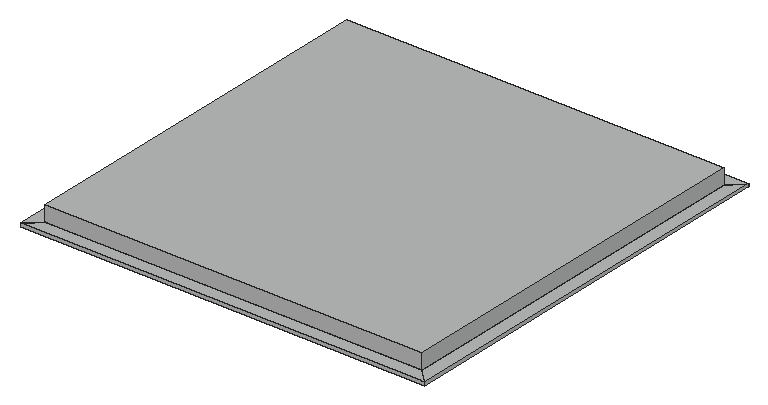
Revit family "AVRORA", category Осветительные приборы, Revit 2019 (continued)
Types (10, lengths in mm): name | built-in parameter 1150134 | Файл фотометрической сетки | built-in parameter 1150142 | built-in parameter 1150107 | Emit from Rectangle Width | Emit from Rectangle Length | Длина | Ширина | ADSK_Обозначение | ADSK_Наименование | ADSK_Код изделия
  AVRORA-32/prisma 595x595х25 (IP20, 4000К) с БАП на 3 часа | 12 | "Светильник AVRORA-32 PRISMA-(595x595).ies" | "IESNA:LM-63-95\r\n[TEST] Протокол № 50-12 \r\n[DATA] 20.06.2016\r\n[MORE] \r\n[MANUFAC] ЗАО \"Центрстройсвет\"\r\n[LUMCAT]  Светильник ALUMOGIPS-38/OPAL-SAND-(610x610)\r\n[LUMINAIRE]\r\n[LAMPCAT] Светодиоды\r\n[LAMP] Поток источника света (светодиодов) не известен\r\n[MORE] КСС приведена в абсолютных величинах кд\r\n[MORE] Вместо потока лампы, указан поток светильника.\r\nTILT=NONE\r\n1    3750 1.0 37 73 1 2 0.61 0.61 0.04\r\n1.0 1.0 38.7\r\n0.0 5.0 10.0 15.0 20.0 25.0 30.0 35.0 40.0 45.0 50.0 55.0 60.0 65.0 70.0 75.0 80.0 85.0 90.0 95.0 100.0 105.0 110.0 115.0 120.0 125.0 130.0 135.0 140.0 145.0 150.0 155.0 160.0 165.0 170.0 175.0 180.0\r\n0.0 5.0 10.0 15.0 20.0 25.0 30.0 35.0 40.0 45.0 50.0 55.0 60.0 65.0 70.0 75.0 80.0 85.0 90.0 95.0 100.0 105.0 110.0 115.0 120.0 125.0 130.0 135.0 140.0 145.0 150.0 155.0 160.0 165.0 170.0 175.0 180.0 185.0 190.0 195.0 200.0 205.0 210.0 215.0 220.0 225.0 230.0 235.0 240.0 245.0 250.0 255.0 260.0 265.0 270.0 275.0 280.0 285.0 290.0 295.0 300.0 305.0 310.0 315.0 320.0 325.0 330.0 335.0 340.0 345.0 350.0 355.0 360.0\r\n1391.4 1390.6 1365.7 1330.6 1277.5 1214.9 1147.5 1059.6 967.6 873.2 772.4 664.9 556.3 449.1 342.7 240.6 147.1 64.2 4.7 0.0 0.0 0.0 0.0 0.0 0.0 0.0 0.0 0.0 0.0 0.0 0.0 0.0 0.0 0.0 0.0 0.0 0.0\r\n1391.4 1390.5 1367.8 1332.7 1284.3 1221.3 1147.0 1062.1 969.2 872.4 773.2 666.3 557.1 450.1 343.8 241.9 146.9 64.7 5.2 0.0 0.0 0.0 0.0 0.0 0.0 0.0 0.0 0.0 0.0 0.0 0.0 0.0 0.0 0.0 0.0 0.0 0.0\r\n1391.4 1390.2 1372.0 1333.3 1277.3 1216.8 1144.5 1057.4 969.6 875.1 773.8 669.5 560.0 454.6 345.8 242.4 148.5 65.8 5.4 0.0 0.0 0.0 0.0 0.0 0.0 0.0 0.0 0.0 0.0 0.0 0.0 0.0 0.0 0.0 0.0 0.0 0.0\r\n1391.4 1389.8 1371.2 1330.7 1279.5 1220.5 1148.3 1059.9 967.7 873.2 767.5 666.8 561.4 453.0 347.1 243.7 149.9 65.6 5.8 0.0 0.0 0.0 0.0 0.0 0.0 0.0 0.0 0.0 0.0 0.0 0.0 0.0 0.0 0.0 0.0 0.0 0.0\r\n1391.4 1389.8 1368.3 1329.3 1285.0 1214.6 1141.1 1058.7 971.8 871.3 775.2 666.9 559.4 452.6 345.8 242.5 150.0 65.8 6.1 0.0 0.0 0.0 0.0 0.0 0.0 0.0 0.0 0.0 0.0 0.0 0.0 0.0 0.0 0.0 0.0 0.0 0.0\r\n1391.4 1390.5 1367.3 1332.3 1281.7 1219.0 1142.8 1064.6 970.5 874.4 772.1 667.5 560.2 453.0 346.2 241.8 149.4 65.7 5.6 0.0 0.0 0.0 0.0 0.0 0.0 0.0 0.0 0.0 0.0 0.0 0.0 0.0 0.0 0.0 0.0 0.0 0.0\r\n1391.4 1391.4 1368.1 1333.5 1277.3 1215.7 1139.0 1059.6 968.1 872.4 771.6 667.4 558.8 453.3 344.3 243.9 148.4 65.7 5.4 0.0 0.0 0.0 0.0 0.0 0.0 0.0 0.0 0.0 0.0 0.0 0.0 0.0 0.0 0.0 0.0 0.0 0.0\r\n1391.4 1391.7 1368.1 1330.4 1278.2 1213.9 1142.4 1061.6 967.4 875.1 772.0 669.3 561.1 452.5 345.2 242.1 148.3 65.4 5.5 0.0 0.0 0.0 0.0 0.0 0.0 0.0 0.0 0.0 0.0 0.0 0.0 0.0 0.0 0.0 0.0 0.0 0.0\r\n1391.4 1391.5 1371.0 1328.4 1278.5 1216.7 1142.1 1061.2 971.8 874.7 772.1 668.9 560.8 452.9 345.4 243.3 147.7 66.0 5.4 0.0 0.0 0.0 0.0 0.0 0.0 0.0 0.0 0.0 0.0 0.0 0.0 0.0 0.0 0.0 0.0 0.0 0.0\r\n1391.4 1391.5 1373.2 1330.5 1277.3 1215.5 1143.2 1063.6 967.0 872.7 772.2 669.4 558.9 453.2 346.6 241.9 148.1 65.2 5.5 0.0 0.0 0.0 0.0 0.0 0.0 0.0 0.0 0.0 0.0 0.0 0.0 0.0 0.0 0.0 0.0 0.0 0.0\r\n1391.4 1391.4 1369.7 1328.3 1281.3 1216.0 1139.8 1057.9 968.7 875.3 773.9 667.6 561.8 454.0 344.0 243.1 147.2 65.6 5.5 0.0 0.0 0.0 0.0 0.0 0.0 0.0 0.0 0.0 0.0 0.0 0.0 0.0 0.0 0.0 0.0 0.0 0.0\r\n1391.4 1390.5 1367.9 1330.1 1278.1 1218.1 1138.9 1061.0 970.0 871.8 770.4 669.3 560.2 453.4 346.9 242.1 148.3 65.2 5.2 0.0 0.0 0.0 0.0 0.0 0.0 0.0 0.0 0.0 0.0 0.0 0.0 0.0 0.0 0.0 0.0 0.0 0.0\r\n1391.4 1389.3 1368.2 1329.1 1280.8 1214.4 1142.5 1059.2 967.2 874.3 772.4 668.0 563.1 452.3 345.7 242.8 146.8 64.9 5.1 0.0 0.0 0.0 0.0 0.0 0.0 0.0 0.0 0.0 0.0 0.0 0.0 0.0 0.0 0.0 0.0 0.0 0.0\r\n1391.4 1388.6 1367.4 1327.8 1278.0 1215.7 1141.0 1061.0 971.5 877.3 771.2 667.3 561.5 453.0 346.4 242.4 146.3 64.8 5.2 0.0 0.0 0.0 0.0 0.0 0.0 0.0 0.0 0.0 0.0 0.0 0.0 0.0 0.0 0.0 0.0 0.0 0.0\r\n1391.4 1388.0 1367.6 1326.7 1278.3 1218.0 1140.9 1061.5 968.4 873.4 770.1 666.6 562.1 454.6 344.8 241.8 146.4 64.0 5.5 0.0 0.0 0.0 0.0 0.0 0.0 0.0 0.0 0.0 0.0 0.0 0.0 0.0 0.0 0.0 0.0 0.0 0.0\r\n1391.4 1387.2 1366.1 1331.0 1281.4 1216.3 1142.7 1059.1 969.4 871.5 772.2 667.3 560.5 453.0 344.4 242.2 146.4 63.8 5.6 0.0 0.0 0.0 0.0 0.0 0.0 0.0 0.0 0.0 0.0 0.0 0.0 0.0 0.0 0.0 0.0 0.0 0.0\r\n1391.4 1387.1 1366.3 1328.7 1276.9 1214.5 1141.2 1059.3 968.4 874.3 775.5 668.3 562.5 454.9 346.4 241.3 146.2 63.5 5.7 0.0 0.0 0.0 0.0 0.0 0.0 0.0 0.0 0.0 0.0 0.0 0.0 0.0 0.0 0.0 0.0 0.0 0.0\r\n1391.4 1388.4 1366.0 1329.7 1279.2 1217.9 1140.0 1060.5 969.0 873.9 772.0 671.3 560.4 453.2 343.7 241.7 145.8 63.7 5.4 0.0 0.0 0.0 0.0 0.0 0.0 0.0 0.0 0.0 0.0 0.0 0.0 0.0 0.0 0.0 0.0 0.0 0.0\r\n1391.4 1389.6 1367.7 1329.3 1277.2 1211.1 1140.1 1061.0 971.0 871.2 769.2 669.1 561.5 453.1 343.3 241.9 145.8 63.4 5.2 0.0 0.0 0.0 0.0 0.0 0.0 0.0 0.0 0.0 0.0 0.0 0.0 0.0 0.0 0.0 0.0 0.0 0.0\r\n1391.4 1388.8 1366.9 1327.1 1279.4 1214.2 1142.5 1056.4 970.7 870.3 771.0 665.1 560.4 453.3 343.8 241.1 145.7 63.4 5.2 0.0 0.0 0.0 0.0 0.0 0.0 0.0 0.0 0.0 0.0 0.0 0.0 0.0 0.0 0.0 0.0 0.0 0.0\r\n1391.4 1387.2 1365.8 1328.9 1276.6 1210.2 1141.4 1059.3 966.6 871.4 770.5 667.4 559.2 451.4 344.2 241.0 145.6 63.2 5.1 0.0 0.0 0.0 0.0 0.0 0.0 0.0 0.0 0.0 0.0 0.0 0.0 0.0 0.0 0.0 0.0 0.0 0.0\r\n1391.4 1386.8 1364.4 1329.8 1279.4 1213.7 1144.0 1059.0 965.3 873.7 768.8 668.9 559.4 449.5 342.6 241.5 144.6 63.4 5.0 0.0 0.0 0.0 0.0 0.0 0.0 0.0 0.0 0.0 0.0 0.0 0.0 0.0 0.0 0.0 0.0 0.0 0.0\r\n1391.4 1388.1 1365.8 1328.1 1273.8 1213.4 1137.9 1059.2 967.3 869.2 769.3 667.7 558.4 451.4 344.0 240.6 145.7 63.4 4.9 0.0 0.0 0.0 0.0 0.0 0.0 0.0 0.0 0.0 0.0 0.0 0.0 0.0 0.0 0.0 0.0 0.0 0.0\r\n1391.4 1389.2 1364.4 1323.2 1276.3 1213.8 1137.6 1055.3 963.1 871.0 767.7 664.1 559.7 447.1 342.4 240.1 145.2 63.9 5.1 0.0 0.0 0.0 0.0 0.0 0.0 0.0 0.0 0.0 0.0 0.0 0.0 0.0 0.0 0.0 0.0 0.0 0.0\r\n1391.4 1388.4 1362.3 1326.8 1274.4 1212.2 1137.9 1054.7 966.7 867.9 768.7 663.4 557.3 449.2 343.3 240.0 145.7 63.6 5.0 0.0 0.0 0.0 0.0 0.0 0.0 0.0 0.0 0.0 0.0 0.0 0.0 0.0 0.0 0.0 0.0 0.0 0.0\r\n1391.4 1386.2 1361.8 1326.5 1273.3 1211.2 1134.5 1048.6 964.3 866.3 767.8 662.9 556.7 449.5 341.9 239.8 145.7 63.7 5.0 0.0 0.0 0.0 0.0 0.0 0.0 0.0 0.0 0.0 0.0 0.0 0.0 0.0 0.0 0.0 0.0 0.0 0.0\r\n1391.4 1384.4 1363.5 1324.4 1272.0 1209.5 1137.2 1053.0 960.2 867.5 767.9 662.7 556.7 449.2 342.5 239.1 146.2 63.8 4.8 0.0 0.0 0.0 0.0 0.0 0.0 0.0 0.0 0.0 0.0 0.0 0.0 0.0 0.0 0.0 0.0 0.0 0.0\r\n1391.4 1383.7 1362.4 1324.4 1274.0 1209.5 1134.4 1050.1 965.4 864.9 764.6 662.3 556.6 447.9 340.5 240.3 145.5 64.6 4.6 0.0 0.0 0.0 0.0 0.0 0.0 0.0 0.0 0.0 0.0 0.0 0.0 0.0 0.0 0.0 0.0 0.0 0.0\r\n1391.4 1384.4 1361.9 1326.9 1270.2 1207.3 1132.7 1050.1 959.7 867.7 763.1 662.2 555.0 447.3 343.0 238.3 145.8 63.9 4.7 0.0 0.0 0.0 0.0 0.0 0.0 0.0 0.0 0.0 0.0 0.0 0.0 0.0 0.0 0.0 0.0 0.0 0.0\r\n1391.4 1385.1 1363.0 1320.0 1270.4 1207.9 1134.4 1055.0 963.5 867.3 766.7 660.7 555.9 450.1 342.6 240.2 145.9 64.3 4.9 0.0 0.0 0.0 0.0 0.0 0.0 0.0 0.0 0.0 0.0 0.0 0.0 0.0 0.0 0.0 0.0 0.0 0.0\r\n1391.4 1384.9 1362.3 1321.4 1273.1 1208.0 1135.4 1052.3 961.9 865.0 764.0 660.8 553.5 447.6 341.2 240.3 146.1 63.8 4.8 0.0 0.0 0.0 0.0 0.0 0.0 0.0 0.0 0.0 0.0 0.0 0.0 0.0 0.0 0.0 0.0 0.0 0.0\r\n1391.4 1383.8 1361.2 1322.1 1265.1 1211.5 1132.8 1049.3 961.3 863.4 764.0 661.0 550.7 447.9 341.0 240.1 146.2 63.8 4.6 0.0 0.0 0.0 0.0 0.0 0.0 0.0 0.0 0.0 0.0 0.0 0.0 0.0 0.0 0.0 0.0 0.0 0.0\r\n1391.4 1382.8 1359.3 1321.5 1269.3 1206.8 1132.8 1051.1 958.3 863.2 763.1 662.7 553.4 448.0 340.4 240.0 145.8 63.8 4.0 0.0 0.0 0.0 0.0 0.0 0.0 0.0 0.0 0.0 0.0 0.0 0.0 0.0 0.0 0.0 0.0 0.0 0.0\r\n1391.4 1382.6 1359.0 1319.6 1268.1 1204.3 1129.8 1049.0 957.7 861.8 761.7 658.4 554.2 446.1 340.4 239.0 145.6 63.8 3.8 0.0 0.0 0.0 0.0 0.0 0.0 0.0 0.0 0.0 0.0 0.0 0.0 0.0 0.0 0.0 0.0 0.0 0.0\r\n1391.4 1382.8 1358.5 1315.8 1266.5 1202.1 1128.5 1049.2 957.6 860.0 762.1 658.2 549.9 443.8 339.6 238.4 145.7 63.6 3.7 0.0 0.0 0.0 0.0 0.0 0.0 0.0 0.0 0.0 0.0 0.0 0.0 0.0 0.0 0.0 0.0 0.0 0.0\r\n1391.4 1382.2 1360.5 1319.2 1265.9 1204.5 1129.9 1046.9 955.0 862.9 758.9 657.9 552.5 444.9 338.9 238.8 145.3 63.6 3.3 0.0 0.0 0.0 0.0 0.0 0.0 0.0 0.0 0.0 0.0 0.0 0.0 0.0 0.0 0.0 0.0 0.0 0.0\r\n1391.4 1381.1 1361.2 1321.0 1268.1 1203.8 1128.8 1047.4 955.6 863.7 761.1 656.4 551.5 445.2 339.2 238.5 144.7 62.5 3.5 0.0 0.0 0.0 0.0 0.0 0.0 0.0 0.0 0.0 0.0 0.0 0.0 0.0 0.0 0.0 0.0 0.0 0.0\r\n1391.4 1380.6 1359.0 1316.4 1268.5 1204.0 1126.1 1049.5 956.2 859.6 759.7 656.5 549.2 444.3 338.4 236.1 143.8 61.6 3.2 0.0 0.0 0.0 0.0 0.0 0.0 0.0 0.0 0.0 0.0 0.0 0.0 0.0 0.0 0.0 0.0 0.0 0.0\r\n1391.4 1380.7 1356.6 1316.0 1267.0 1205.6 1130.3 1044.8 956.9 856.7 759.3 653.5 548.1 441.9 335.3 235.4 141.4 60.3 2.9 0.0 0.0 0.0 0.0 0.0 0.0 0.0 0.0 0.0 0.0 0.0 0.0 0.0 0.0 0.0 0.0 0.0 0.0\r\n1391.4 1380.4 1354.4 1317.9 1268.8 1199.0 1129.0 1044.0 956.9 860.6 758.3 656.9 549.1 442.0 334.4 236.1 141.7 60.5 2.6 0.0 0.0 0.0 0.0 0.0 0.0 0.0 0.0 0.0 0.0 0.0 0.0 0.0 0.0 0.0 0.0 0.0 0.0\r\n1391.4 1380.1 1356.7 1322.1 1264.6 1201.7 1129.9 1047.4 957.2 859.7 758.2 656.1 549.4 442.8 335.3 235.8 141.3 60.6 2.3 0.0 0.0 0.0 0.0 0.0 0.0 0.0 0.0 0.0 0.0 0.0 0.0 0.0 0.0 0.0 0.0 0.0 0.0\r\n1391.4 1379.9 1357.3 1317.5 1265.9 1207.8 1129.2 1046.5 955.7 860.2 758.6 656.9 550.7 441.9 335.4 233.9 140.6 60.2 2.4 0.0 0.0 0.0 0.0 0.0 0.0 0.0 0.0 0.0 0.0 0.0 0.0 0.0 0.0 0.0 0.0 0.0 0.0\r\n1391.4 1379.2 1355.5 1314.6 1269.3 1203.7 1133.5 1044.8 957.2 857.9 762.0 656.6 548.7 440.4 335.9 234.5 140.4 59.8 2.8 0.0 0.0 0.0 0.0 0.0 0.0 0.0 0.0 0.0 0.0 0.0 0.0 0.0 0.0 0.0 0.0 0.0 0.0\r\n1391.4 1377.9 1357.1 1319.2 1271.9 1204.4 1128.6 1050.2 953.1 856.9 757.6 653.7 548.9 439.9 335.4 232.4 140.5 59.2 3.0 0.0 0.0 0.0 0.0 0.0 0.0 0.0 0.0 0.0 0.0 0.0 0.0 0.0 0.0 0.0 0.0 0.0 0.0\r\n1391.4 1377.2 1356.3 1322.9 1266.0 1204.8 1132.2 1049.0 958.1 859.3 759.0 654.6 547.0 441.6 334.9 232.1 139.3 58.8 2.9 0.0 0.0 0.0 0.0 0.0 0.0 0.0 0.0 0.0 0.0 0.0 0.0 0.0 0.0 0.0 0.0 0.0 0.0\r\n1391.4 1377.8 1353.8 1319.7 1269.6 1207.9 1135.8 1049.5 955.8 858.0 762.4 655.9 548.2 441.6 335.6 231.7 139.4 58.8 2.8 0.0 0.0 0.0 0.0 0.0 0.0 0.0 0.0 0.0 0.0 0.0 0.0 0.0 0.0 0.0 0.0 0.0 0.0\r\n1391.4 1378.5 1355.2 1319.8 1267.3 1206.5 1131.2 1046.1 954.6 861.2 756.6 653.8 548.1 440.3 335.0 232.6 138.6 59.0 2.9 0.0 0.0 0.0 0.0 0.0 0.0 0.0 0.0 0.0 0.0 0.0 0.0 0.0 0.0 0.0 0.0 0.0 0.0\r\n1391.4 1378.6 1355.1 1318.3 1269.7 1200.8 1133.1 1049.0 957.6 862.5 762.4 656.9 549.3 443.5 334.7 231.2 138.8 58.1 3.0 0.0 0.0 0.0 0.0 0.0 0.0 0.0 0.0 0.0 0.0 0.0 0.0 0.0 0.0 0.0 0.0 0.0 0.0\r\n1391.4 1378.8 1355.8 1321.7 1268.8 1210.0 1129.0 1048.5 958.8 862.4 762.2 656.4 549.0 441.1 335.4 231.5 138.5 58.1 3.0 0.0 0.0 0.0 0.0 0.0 0.0 0.0 0.0 0.0 0.0 0.0 0.0 0.0 0.0 0.0 0.0 0.0 0.0\r\n1391.4 1379.6 1357.6 1321.7 1269.0 1207.1 1133.9 1047.0 964.1 863.3 761.9 656.4 551.5 440.7 334.9 232.2 137.6 58.1 2.8 0.0 0.0 0.0 0.0 0.0 0.0 0.0 0.0 0.0 0.0 0.0 0.0 0.0 0.0 0.0 0.0 0.0 0.0\r\n1391.4 1380.6 1357.7 1319.2 1272.0 1207.5 1131.3 1054.6 959.0 863.3 764.8 655.9 549.1 443.0 335.1 231.3 138.0 58.1 2.7 0.0 0.0 0.0 0.0 0.0 0.0 0.0 0.0 0.0 0.0 0.0 0.0 0.0 0.0 0.0 0.0 0.0 0.0\r\n1391.4 1381.5 1358.5 1321.9 1271.0 1204.1 1135.9 1055.8 962.5 865.5 761.1 656.9 550.6 442.0 335.3 231.9 137.4 57.9 2.6 0.0 0.0 0.0 0.0 0.0 0.0 0.0 0.0 0.0 0.0 0.0 0.0 0.0 0.0 0.0 0.0 0.0 0.0\r\n1391.4 1381.3 1358.5 1322.3 1270.8 1207.2 1133.7 1051.9 958.0 867.3 767.5 657.0 552.1 442.3 333.6 231.2 137.9 57.8 2.6 0.0 0.0 0.0 0.0 0.0 0.0 0.0 0.0 0.0 0.0 0.0 0.0 0.0 0.0 0.0 0.0 0.0 0.0\r\n1391.4 1380.6 1359.4 1319.7 1270.6 1209.0 1133.0 1052.1 963.9 867.5 764.1 660.0 554.0 443.3 334.8 231.7 137.6 57.8 2.7 0.0 0.0 0.0 0.0 0.0 0.0 0.0 0.0 0.0 0.0 0.0 0.0 0.0 0.0 0.0 0.0 0.0 0.0\r\n1391.4 1381.3 1359.9 1321.3 1270.6 1204.8 1135.0 1051.3 962.1 865.5 761.7 660.3 553.1 443.5 334.1 231.9 137.9 57.8 2.8 0.0 0.0 0.0 0.0 0.0 0.0 0.0 0.0 0.0 0.0 0.0 0.0 0.0 0.0 0.0 0.0 0.0 0.0\r\n1391.4 1383.1 1362.1 1324.8 1273.8 1208.7 1134.8 1055.9 961.8 866.4 762.3 659.7 552.4 443.7 334.4 232.8 138.0 58.0 2.8 0.0 0.0 0.0 0.0 0.0 0.0 0.0 0.0 0.0 0.0 0.0 0.0 0.0 0.0 0.0 0.0 0.0 0.0\r\n1391.4 1384.6 1360.4 1321.7 1272.0 1210.6 1130.9 1052.5 963.1 866.7 767.4 659.3 553.7 444.6 335.4 233.1 138.3 58.0 2.8 0.0 0.0 0.0 0.0 0.0 0.0 0.0 0.0 0.0 0.0 0.0 0.0 0.0 0.0 0.0 0.0 0.0 0.0\r\n1391.4 1385.6 1357.5 1324.7 1273.9 1211.6 1134.3 1052.7 963.6 865.4 763.1 658.7 552.2 444.9 336.9 232.8 138.8 58.6 2.9 0.0 0.0 0.0 0.0 0.0 0.0 0.0 0.0 0.0 0.0 0.0 0.0 0.0 0.0 0.0 0.0 0.0 0.0\r\n1391.4 1386.4 1357.8 1323.4 1273.2 1212.2 1136.3 1054.7 967.5 867.5 764.0 659.4 553.3 443.7 336.8 233.2 138.9 58.5 3.1 0.0 0.0 0.0 0.0 0.0 0.0 0.0 0.0 0.0 0.0 0.0 0.0 0.0 0.0 0.0 0.0 0.0 0.0\r\n1391.4 1386.6 1362.0 1324.9 1273.2 1211.3 1139.0 1049.9 960.3 866.4 768.0 661.3 552.2 443.4 336.3 233.4 139.8 58.9 3.1 0.0 0.0 0.0 0.0 0.0 0.0 0.0 0.0 0.0 0.0 0.0 0.0 0.0 0.0 0.0 0.0 0.0 0.0\r\n1391.4 1386.0 1360.5 1326.0 1271.8 1212.0 1137.2 1059.3 963.5 867.6 766.9 661.2 552.3 445.8 337.8 233.6 141.0 59.2 3.3 0.0 0.0 0.0 0.0 0.0 0.0 0.0 0.0 0.0 0.0 0.0 0.0 0.0 0.0 0.0 0.0 0.0 0.0\r\n1391.4 1385.0 1362.3 1325.1 1272.0 1207.1 1138.5 1053.6 964.5 865.8 766.5 661.6 554.3 445.9 337.0 234.5 140.4 60.2 3.5 0.0 0.0 0.0 0.0 0.0 0.0 0.0 0.0 0.0 0.0 0.0 0.0 0.0 0.0 0.0 0.0 0.0 0.0\r\n1391.4 1384.4 1361.8 1323.6 1274.0 1214.8 1138.9 1053.9 968.0 867.9 769.0 663.8 555.6 446.7 339.6 235.0 141.3 60.4 3.4 0.0 0.0 0.0 0.0 0.0 0.0 0.0 0.0 0.0 0.0 0.0 0.0 0.0 0.0 0.0 0.0 0.0 0.0\r\n1391.4 1385.0 1360.9 1322.2 1272.4 1209.8 1137.2 1055.7 962.7 869.7 769.6 658.2 556.6 447.4 338.5 236.2 142.5 60.7 3.4 0.0 0.0 0.0 0.0 0.0 0.0 0.0 0.0 0.0 0.0 0.0 0.0 0.0 0.0 0.0 0.0 0.0 0.0\r\n1391.4 1386.6 1363.1 1323.6 1272.5 1211.5 1139.2 1058.4 969.9 868.0 768.8 664.6 556.3 445.8 342.1 236.1 142.3 61.2 3.5 0.0 0.0 0.0 0.0 0.0 0.0 0.0 0.0 0.0 0.0 0.0 0.0 0.0 0.0 0.0 0.0 0.0 0.0\r\n1391.4 1388.6 1360.9 1330.2 1273.7 1213.2 1138.7 1058.3 966.2 867.0 766.8 663.4 553.3 447.1 339.2 238.7 143.0 61.4 3.8 0.0 0.0 0.0 0.0 0.0 0.0 0.0 0.0 0.0 0.0 0.0 0.0 0.0 0.0 0.0 0.0 0.0 0.0\r\n1391.4 1389.8 1360.8 1328.4 1276.8 1216.0 1140.1 1055.8 963.1 870.3 768.4 663.1 554.0 449.1 340.1 237.3 144.8 61.7 3.8 0.0 0.0 0.0 0.0 0.0 0.0 0.0 0.0 0.0 0.0 0.0 0.0 0.0 0.0 0.0 0.0 0.0 0.0\r\n1391.4 1389.3 1362.5 1325.9 1278.0 1210.4 1138.2 1054.7 967.8 872.7 770.2 661.9 556.5 446.9 341.3 237.7 144.4 62.5 3.9 0.0 0.0 0.0 0.0 0.0 0.0 0.0 0.0 0.0 0.0 0.0 0.0 0.0 0.0 0.0 0.0 0.0 0.0\r\n1391.4 1387.8 1365.8 1326.6 1274.3 1213.2 1141.4 1053.1 966.2 871.2 768.4 663.7 555.0 447.1 341.3 238.2 144.3 62.7 4.1 0.0 0.0 0.0 0.0 0.0 0.0 0.0 0.0 0.0 0.0 0.0 0.0 0.0 0.0 0.0 0.0 0.0 0.0\r\n1391.4 1387.2 1364.2 1328.3 1274.8 1209.4 1145.0 1060.0 963.9 867.5 766.5 663.4 556.7 448.2 340.9 240.3 144.7 63.3 4.0 0.0 0.0 0.0 0.0 0.0 0.0 0.0 0.0 0.0 0.0 0.0 0.0 0.0 0.0 0.0 0.0 0.0 0.0\r\n1391.4 1388.4 1364.9 1332.6 1279.0 1215.6 1140.9 1056.3 969.3 867.1 770.0 663.8 559.0 449.0 342.4 240.3 145.7 63.3 4.7 0.0 0.0 0.0 0.0 0.0 0.0 0.0 0.0 0.0 0.0 0.0 0.0 0.0 0.0 0.0 0.0 0.0 0.0\r\n1391.4 1390.0 1364.5 1329.3 1281.4 1217.7 1141.3 1063.3 970.3 871.1 768.8 663.5 555.2 449.3 342.4 239.8 146.6 63.3 4.9 0.0 0.0 0.0 0.0 0.0 0.0 0.0 0.0 0.0 0.0 0.0 0.0 0.0 0.0 0.0 0.0 0.0 0.0\r\n1391.4 1390.6 1365.7 1330.6 1277.5 1214.9 1147.5 1059.6 967.6 873.2 772.4 664.9 556.3 449.1 342.7 240.6 147.1 64.2 4.7 0.0 0.0 0.0 0.0 0.0 0.0 0.0 0.0 0.0 0.0 0.0 0.0 0.0 0.0 0.0 0.0 0.0 0.0\r\n" | 4000 (stored number, unit not read) | 555 | 555 | 595 | 595 | "AVRORA-32/prisma 595x595х25 (IP20, 4000К)" | "Встраиваемый светодиодный светильник AVRORA-32/prisma 595x595х25 (IP20, 4000К) с БАП на 3 часа" | "ЦБ000008872"
